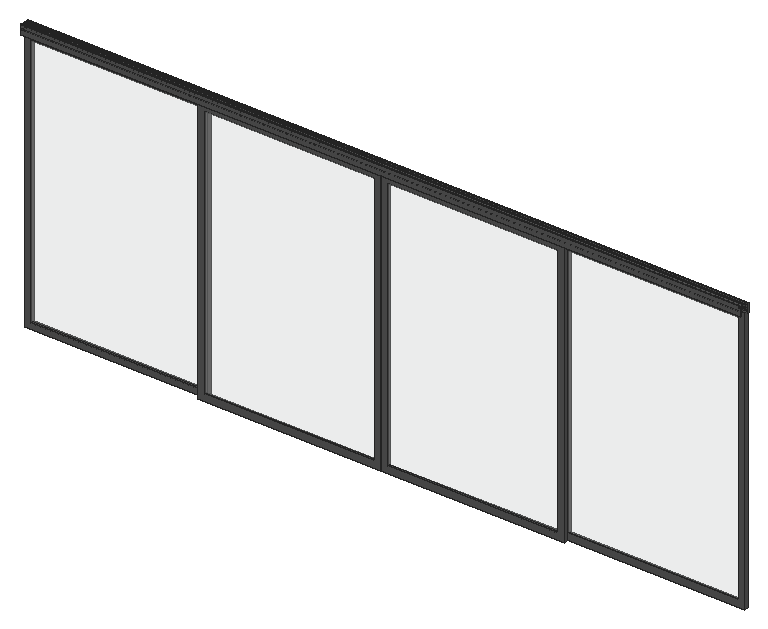
Revit family "Door_SS_The Sliding Door Company_4-Panel Double Track (ABBA)", category Doors, host Wall, Revit 2019
Family settings
  Host = Wall
  OmniClass Number = 23.30.10.00
  OmniClass Title = Doors
  Always vertical = Yes
  Cut with Voids When Loaded = No
  Shared = No
  Room Calculation Point = No
Parameters (values of type "SS Room Divider - 4 Panel 2 Track - ABBA")
  Upper Track Material [instance] = TSDC - Casing/Upper Track - Powder Coated Black
  URL = "https://www.slidingdoorco.com"
  Thickness = 1 1/4"  # constant formula
  Structural Support = "Suspended Systems MUST be installed into structural wood header"  # constant formula
  Stile and Rail = 2 1/2"
  Rough Width = Finished Opening Width + 5/8" * 2  # 284 1/4"
  Rough Height = Finished Opening Height + 5/8"  # 108 5/8"
  Panel Width = Width / 4 + 1 1/4"  # 72"
  Panel Height = Height - 2 1/4"  # 105 3/4"
  Opening Clearance Height = Finished Opening Height - 3 9/16"  # 104 7/16"
  Open [instance] = no
  Model = "Suspended System - Full Height System"  # constant formula
  Manufacturer = "The Sliding Door Company"  # constant formula
  Limitations = "Panel Width x System Height cannot exceed 7,400 square inches"  # constant formula
  Glass Thickness = "Available in: 5mm Tempered, 7mm,10mm,11mm Laminated Glass"  # constant formula
  Glass Material [instance] = TSDC - Glass - Clear
  Function = Interior
  Height = if(Finished Opening Height > 108", 108", Finished Opening Height)  # 108"
  Wall Closure = By host
  Width = if(Finished Opening Width > 283", 283", Finished Opening Width)  # 283"
  Fire Rating = "N/A"  # constant formula
  Finished Opening Width = 283"
  Finished Opening Height = 108"
  Door Casing Material [instance] = TSDC - Casing/Upper Track - Powder Coated Black
  Description = "4 Panel Suspended System with Double Track"  # constant formula
  Contact The Sliding Door Company = "https://www.slidingdoorco.com/contact"
  Construction Type = "Bi-part, Top Mounted, Suspended System"  # constant formula
  Configuration = "ABBA Configuration"  # constant formula
  Closed [instance] = not(Open)  # yes
  Analytic Construction = "<None>"
  2 1/2" Frame (No Support Dividers) = "Max. H=108 in., Max. W=283 in. (72 in. panel width)"  # constant formula
Reference planes (in)
  plane 1 "Center (Front/Back)": y = 0
  plane 2 "Center (Left/Right)": x = 0
  plane 3 "Top": z = 108
  plane 4 "Exterior": y = 3
  plane 5 "Interior": y = -3
  plane 6: x = -141.5
  plane 7: x = 141.5
  plane 8: z = 0.625
  plane 9 "Top": z = 96
  plane 10 "2": z = 94.375
  plane 11 "3": z = 95.25
  plane 12 "Top": z = 96
  plane 13 "2": z = 94.375
  plane 14 "3": z = 95.25
  plane 15 "Top": z = 80
  plane 16: x = -50
  plane 17: x = 50
  plane 18 "2": z = 78.375
  plane 19 "3": z = 79.25
  plane 20: x = -70.75
  plane 21: x = 70.75
  plane 22: x = -36.75
  plane 23: x = -38.25
  plane 24: x = 38.25
  plane 25: x = 36
  plane 26 "4": z = 106.20866
  plane 27 "6": z = 105.20866
  plane 28 "7": z = 104.4375
Forms (in)
  Extrusion 1, solid, material "TSDC - Casing/Upper Track - Powder Coated Black", not visible
    sketch origin (0, 0.8784, 0.00198) x (0, 1, 0) y (0, 0, 1)
      loop
        line (1.17662, -0.00198) -> (1.7466, -0.00198) -> (1.7466, 0.11422) -> (1.63872, 0.16601) -> (1.5898, 0.16) -> (1.58595, 0.19134) -> (1.49638, 0.23434) -> (1.44746, 0.22833) -> (1.44362, 0.25967) -> (1.35493, 0.30224) -> (1.30601, 0.29623) -> (1.30216, 0.32757) -> (1.21825, 0.36785)
        arc (1.21825, 0.36785) -> (1.19583, 0.37043) -> (1.17662, 0.35859) r 0.03449
        line (1.17662, 0.35859) -> (1.17662, 0.26961) -> (1.14379, 0.26961) -> (1.14379, 0.30227) -> (1.11271, 0.30227) -> (1.11271, 0.05752) -> (1.14379, 0.05752) -> (1.14379, 0.08934) -> (1.17662, 0.08934) -> (1.17662, -0.00198)
      loop
        line (1.6966, 0.05) -> (1.6966, 0.08276) -> (1.2346, 0.30454) -> (1.2346, 0.05) -> (1.6966, 0.05)
    from -50 to 50
  Extrusion 2, solid, material "TSDC - Casing/Upper Track - Powder Coated Black", not visible
    sketch origin (0, 0.8784, 0.00198) x (0, 1, 0) y (0, 0, 1)
      loop
        arc (1.17662, 0.34104) -> (1.17081, 0.35508) -> (1.15677, 0.36093) r 0.01985
        line (1.15677, 0.36093) -> (1.07541, 0.36093)
        arc (1.07541, 0.36093) -> (1.06136, 0.3551) -> (1.05556, 0.34103) r 0.01985
        line (1.05556, 0.34103) -> (1.05556, 0.20299) -> (0.9831, 0.20299) -> (0.9831, 0.28602)
        arc (0.9831, 0.28602) -> (0.87384, 0.39506) -> (0.76472, 0.28588) r 0.10919
        line (0.76472, 0.28588) -> (0.82428, 0.28588)
        arc (0.82428, 0.28588) -> (0.87397, 0.3355) -> (0.92354, 0.28575) r 0.04963
        line (0.92354, 0.28575) -> (0.92354, 0.14753) -> (1.05556, 0.10767) -> (1.05556, 0.05757) -> (0.38753, 0.05757) -> (0.38753, 0.36093) -> (-0.56932, 0.36093) -> (-0.56932, 0.20299) -> (-0.64178, 0.20299) -> (-0.64178, 0.28602)
        arc (-0.64178, 0.28602) -> (-0.75104, 0.39506) -> (-0.86016, 0.28588) r 0.10919
        line (-0.86016, 0.28588) -> (-0.8006, 0.28588)
        arc (-0.8006, 0.28588) -> (-0.75091, 0.3355) -> (-0.70134, 0.28575) r 0.04963
        line (-0.70134, 0.28575) -> (-0.70134, 0.14753) -> (-0.56932, 0.10767) -> (-0.56932, 0.05757) -> (-1.23735, 0.05757) -> (-1.23735, 0.36093) -> (-2.19421, 0.36093) -> (-2.19421, 0.20299) -> (-2.26667, 0.20299) -> (-2.26667, 0.28602)
        arc (-2.26667, 0.28602) -> (-2.37592, 0.39506) -> (-2.48504, 0.28588) r 0.10919
        line (-2.48504, 0.28588) -> (-2.42548, 0.28588)
        arc (-2.42548, 0.28588) -> (-2.37579, 0.3355) -> (-2.32622, 0.28575) r 0.04963
        line (-2.32622, 0.28575) -> (-2.32622, 0.14753) -> (-2.19421, 0.10767) -> (-2.19421, 0.05757) -> (-2.86223, 0.05757) -> (-2.86223, 0.34103)
        arc (-2.86223, 0.34103) -> (-2.86803, 0.3551) -> (-2.88208, 0.36093) r 0.01985
        line (-2.88208, 0.36093) -> (-2.96344, 0.36093)
        arc (-2.96344, 0.36093) -> (-2.97751, 0.35509) -> (-2.9833, 0.341) r 0.01985
        line (-2.9833, 0.341) -> (-2.9833, 0.26961) -> (-2.95059, 0.26961) -> (-2.95059, 0.30227) -> (-2.91939, 0.30227) -> (-2.91939, 0.05752) -> (-2.95046, 0.05752) -> (-2.95046, 0.08934) -> (-2.9833, 0.08934) -> (-2.9833, -0.00198) -> (-2.13705, -0.00198) -> (-2.10598, 0.05752) -> (-2.13705, 0.05752) -> (-2.13705, 0.30227) -> (-1.29451, 0.30227) -> (-1.29451, 0.05752) -> (-1.32558, 0.05752) -> (-1.29451, -0.00198) -> (-0.51217, -0.00198) -> (-0.4811, 0.05752) -> (-0.51217, 0.05752) -> (-0.51217, 0.30227) -> (0.33038, 0.30227) -> (0.33038, 0.05752) -> (0.2993, 0.05752) -> (0.33038, -0.00198) -> (1.17662, -0.00198) -> (1.17662, 0.08934) -> (1.14379, 0.08934) -> (1.14379, 0.05752) -> (1.11271, 0.05752) -> (1.11271, 0.30227) -> (1.14379, 0.30227) -> (1.14379, 0.26961) -> (1.17662, 0.26961) -> (1.17662, 0.34104)
    from -50 to 50
  Extrusion 3, solid, material "TSDC - Casing/Upper Track - Powder Coated Black", not visible
    sketch origin (0, -0.92827, 0.00198) x (0, -1, 0) y (0, 0, -1)
      loop
        line (1.17662, 0.00198) -> (1.17662, -0.08934) -> (1.14379, -0.08934) -> (1.14379, -0.05752) -> (1.11271, -0.05752) -> (1.11271, -0.30227) -> (1.14379, -0.30227) -> (1.14379, -0.26961) -> (1.17662, -0.26961) -> (1.17662, -0.35859)
        arc (1.17662, -0.35859) -> (1.19583, -0.37043) -> (1.21825, -0.36785) r 0.03449
        line (1.21825, -0.36785) -> (1.30216, -0.32757) -> (1.30601, -0.29623) -> (1.35493, -0.30224) -> (1.44362, -0.25967) -> (1.44746, -0.22833) -> (1.49638, -0.23434) -> (1.58595, -0.19134) -> (1.5898, -0.16) -> (1.63872, -0.16601) -> (1.7466, -0.11422) -> (1.7466, 0.00198) -> (1.17662, 0.00198)
      loop
        line (1.6966, -0.05) -> (1.2346, -0.05) -> (1.2346, -0.30454) -> (1.6966, -0.08276) -> (1.6966, -0.05)
    from -50 to 50
  Extrusion 4, solid, material "TSDC - Casing/Upper Track - Powder Coated Black", not visible
    sketch origin (0, 1.25781, 0) x (0, 1, 0) y (0, 0, 1)
      loop
        line (1.74219, 96) -> (-2.99219, 96) -> (-2.99219, 93.875) -> (-2.93359, 93.875) -> (-2.93359, 95.94141) -> (-1.43359, 95.94141) -> (-1.43359, 93.875) -> (-1.375, 93.875) -> (-1.375, 95.94141) -> (0.125, 95.94141) -> (0.125, 93.875) -> (0.18359, 93.875) -> (0.18359, 95.94141) -> (1.68359, 95.94141) -> (1.68359, 93.875) -> (1.74219, 93.875) -> (1.74219, 96)
    from -50 to 50
  Extrusion 5, solid, material "TSDC - Casing/Upper Track - Powder Coated Black", visible <- "Open", not visible
    sketch origin (-18.0008, 2.81641, 0) x (1, 0, 0) y (0, 0, 1)
      loop
        line (2.33413, 94.375) -> (-31.9992, 94.375) -> (-31.9992, 0.625) -> (2.33413, 0.625) -> (2.33413, 94.375)
      loop
        line (0.83413, 92.875) -> (-30.4992, 92.875) -> (-30.4992, 2.125) -> (0.83413, 2.125) -> (0.83413, 92.875)
    from 0 to 1.25
  Extrusion 6, solid, material "TSDC - Glass - Clear", visible <- "Open", not visible
    sketch origin (-18.0008, 2.31641, 0) x (1, 0, 0) y (0, 0, 1)
      loop
        line (0.83413, 92.875) -> (-30.4992, 92.875) -> (-30.4992, 2.125) -> (0.83413, 2.125) -> (0.83413, 92.875)
    from 0 to 0.25
  Extrusion 7, solid, material "TSDC - Casing/Upper Track - Powder Coated Black", visible <- "Open", not visible
    sketch origin (-44.66746, 1.25781, 0) x (1, 0, 0) y (0, 0, 1)
      loop
        line (29.0008, 94.375) -> (-5.33254, 94.375) -> (-5.33254, 0.625) -> (29.0008, 0.625) -> (29.0008, 94.375)
      loop
        line (27.5008, 92.875) -> (-3.83254, 92.875) -> (-3.83254, 2.125) -> (27.5008, 2.125) -> (27.5008, 92.875)
    from 0 to 1.25
  Extrusion 8, solid, material "TSDC - Glass - Clear", visible <- "Open", not visible
    sketch origin (-44.66746, 0.75781, 0) x (1, 0, 0) y (0, 0, 1)
      loop
        line (27.5008, 92.875) -> (-3.83254, 92.875) -> (-3.83254, 2.125) -> (27.5008, 2.125) -> (27.5008, 92.875)
    from 0 to 0.25
  Extrusion 9, solid, material "TSDC - Casing/Upper Track - Powder Coated Black", visible <- "Open", not visible
    sketch origin (-71.33413, -0.30078, 0) x (1, 0, 0) y (0, 0, 1)
      loop
        line (55.66746, 94.375) -> (21.33413, 94.375) -> (21.33413, 0.625) -> (55.66746, 0.625) -> (55.66746, 94.375)
      loop
        line (54.16746, 92.875) -> (22.83413, 92.875) -> (22.83413, 2.125) -> (54.16746, 2.125) -> (54.16746, 92.875)
    from 0 to 1.25
  Extrusion 10, solid, material "TSDC - Glass - Clear", visible <- "Open", not visible
    sketch origin (-71.33413, -0.80078, 0) x (1, 0, 0) y (0, 0, 1)
      loop
        line (54.16746, 92.875) -> (22.83413, 92.875) -> (22.83413, 2.125) -> (54.16746, 2.125) -> (54.16746, 92.875)
    from 0 to 0.25
  Extrusion 11, solid, material "TSDC - Casing/Upper Track - Powder Coated Black", visible <- "Closed", not visible
    sketch origin (-11.83413, 1.25781, 0) x (1, 0, 0) y (0, 0, 1)
      loop
        line (29.0008, 94.375) -> (-5.33254, 94.375) -> (-5.33254, 0.625) -> (29.0008, 0.625) -> (29.0008, 94.375)
      loop
        line (27.5008, 92.875) -> (-3.83254, 92.875) -> (-3.83254, 2.125) -> (27.5008, 2.125) -> (27.5008, 92.875)
    from 0 to 1.25
  Extrusion 12, solid, material "TSDC - Glass - Clear", visible <- "Closed", not visible
    sketch origin (-11.83413, 0.75781, 0) x (1, 0, 0) y (0, 0, 1)
      loop
        line (27.5008, 92.875) -> (-3.83254, 92.875) -> (-3.83254, 2.125) -> (27.5008, 2.125) -> (27.5008, 92.875)
    from 0 to 0.25
  Extrusion 13, solid, material "TSDC - Casing/Upper Track - Powder Coated Black", visible <- "Closed", not visible
    sketch origin (47.66587, 2.81641, 0) x (1, 0, 0) y (0, 0, 1)
      loop
        line (2.33413, 94.375) -> (-31.9992, 94.375) -> (-31.9992, 0.625) -> (2.33413, 0.625) -> (2.33413, 94.375)
      loop
        line (0.83413, 92.875) -> (-30.4992, 92.875) -> (-30.4992, 2.125) -> (0.83413, 2.125) -> (0.83413, 92.875)
    from 0 to 1.25
  Extrusion 14, solid, material "TSDC - Glass - Clear", visible <- "Closed", not visible
    sketch origin (47.66587, 2.31641, 0) x (1, 0, 0) y (0, 0, 1)
      loop
        line (0.83413, 92.875) -> (-30.4992, 92.875) -> (-30.4992, 2.125) -> (0.83413, 2.125) -> (0.83413, 92.875)
    from 0 to 0.25
  Extrusion 15, solid, material "TSDC - Casing/Upper Track - Powder Coated Black", visible <- "Closed", not visible
    sketch origin (-71.33413, -0.30078, 0) x (1, 0, 0) y (0, 0, 1)
      loop
        line (55.66746, 94.375) -> (21.33413, 94.375) -> (21.33413, 0.625) -> (55.66746, 0.625) -> (55.66746, 94.375)
      loop
        line (54.16746, 92.875) -> (22.83413, 92.875) -> (22.83413, 2.125) -> (54.16746, 2.125) -> (54.16746, 92.875)
    from 0 to 1.25
  Extrusion 16, solid, material "TSDC - Glass - Clear", visible <- "Closed", not visible
    sketch origin (-71.33413, -0.80078, 0) x (1, 0, 0) y (0, 0, 1)
      loop
        line (54.16746, 92.875) -> (22.83413, 92.875) -> (22.83413, 2.125) -> (54.16746, 2.125) -> (54.16746, 92.875)
    from 0 to 0.25
  Extrusion 17, solid, material "TSDC - Casing/Upper Track - Powder Coated Black", not visible
    sketch origin (0, 1.25781, 0) x (0, 1, 0) y (0, 0, 1)
      loop
        line (1.74219, 96) -> (-2.99219, 96) -> (-2.99219, 93.875) -> (-2.93359, 93.875) -> (-2.93359, 95.94141) -> (-1.43359, 95.94141) -> (-1.43359, 93.875) -> (-1.375, 93.875) -> (-1.375, 95.94141) -> (0.125, 95.94141) -> (0.125, 93.875) -> (0.18359, 93.875) -> (0.18359, 95.94141) -> (1.68359, 95.94141) -> (1.68359, 93.875) -> (1.74219, 93.875) -> (1.74219, 96)
    from -50 to 50
  Extrusion 18, solid, material "TSDC - Casing/Upper Track - Powder Coated Black", not visible
    sketch origin (0, 1.25781, 0) x (0, 1, 0) y (0, 0, 1)
      loop
        line (1.74219, 96) -> (-2.99219, 96) -> (-2.99219, 93.875) -> (-2.93359, 93.875) -> (-2.93359, 95.94141) -> (-1.43359, 95.94141) -> (-1.43359, 93.875) -> (-1.375, 93.875) -> (-1.375, 95.94141) -> (0.125, 95.94141) -> (0.125, 93.875) -> (0.18359, 93.875) -> (0.18359, 95.94141) -> (1.68359, 95.94141) -> (1.68359, 93.875) -> (1.74219, 93.875) -> (1.74219, 96)
    from -50 to 50
  Extrusion 19, solid, material "TSDC - Casing/Upper Track - Powder Coated Black", not visible
    sketch origin (0, 1.25781, 0) x (0, 1, 0) y (0, 0, 1)
      loop
        line (1.74219, 96) -> (-2.99219, 96) -> (-2.99219, 93.875) -> (-2.93359, 93.875) -> (-2.93359, 95.94141) -> (-1.43359, 95.94141) -> (-1.43359, 93.875) -> (-1.375, 93.875) -> (-1.375, 95.94141) -> (0.125, 95.94141) -> (0.125, 93.875) -> (0.18359, 93.875) -> (0.18359, 95.94141) -> (1.68359, 95.94141) -> (1.68359, 93.875) -> (1.74219, 93.875) -> (1.74219, 96)
    from -50 to 50
  Extrusion 20, solid, material "TSDC - Casing/Upper Track - Powder Coated Black", not visible
    sketch origin (0, 0.8784, 0.00198) x (0, 1, 0) y (0, 0, 1)
      loop
        line (1.17662, -0.00198) -> (1.7466, -0.00198) -> (1.7466, 0.11422) -> (1.63872, 0.16601) -> (1.5898, 0.16) -> (1.58595, 0.19134) -> (1.49638, 0.23434) -> (1.44746, 0.22833) -> (1.44362, 0.25967) -> (1.35493, 0.30224) -> (1.30601, 0.29623) -> (1.30216, 0.32757) -> (1.21825, 0.36785)
        arc (1.21825, 0.36785) -> (1.19583, 0.37043) -> (1.17662, 0.35859) r 0.03449
        line (1.17662, 0.35859) -> (1.17662, 0.26961) -> (1.14379, 0.26961) -> (1.14379, 0.30227) -> (1.11271, 0.30227) -> (1.11271, 0.05752) -> (1.14379, 0.05752) -> (1.14379, 0.08934) -> (1.17662, 0.08934) -> (1.17662, -0.00198)
      loop
        line (1.6966, 0.05) -> (1.6966, 0.08276) -> (1.2346, 0.30454) -> (1.2346, 0.05) -> (1.6966, 0.05)
    from -50 to 50
  Extrusion 21, solid, material "TSDC - Casing/Upper Track - Powder Coated Black", not visible
    sketch origin (0, 0.8784, 0.00198) x (0, 1, 0) y (0, 0, 1)
      loop
        arc (1.17662, 0.34104) -> (1.17081, 0.35508) -> (1.15677, 0.36093) r 0.01985
        line (1.15677, 0.36093) -> (1.07541, 0.36093)
        arc (1.07541, 0.36093) -> (1.06136, 0.3551) -> (1.05556, 0.34103) r 0.01985
        line (1.05556, 0.34103) -> (1.05556, 0.20299) -> (0.9831, 0.20299) -> (0.9831, 0.28602)
        arc (0.9831, 0.28602) -> (0.87384, 0.39506) -> (0.76472, 0.28588) r 0.10919
        line (0.76472, 0.28588) -> (0.82428, 0.28588)
        arc (0.82428, 0.28588) -> (0.87397, 0.3355) -> (0.92354, 0.28575) r 0.04963
        line (0.92354, 0.28575) -> (0.92354, 0.14753) -> (1.05556, 0.10767) -> (1.05556, 0.05757) -> (0.38753, 0.05757) -> (0.38753, 0.36093) -> (-0.56932, 0.36093) -> (-0.56932, 0.20299) -> (-0.64178, 0.20299) -> (-0.64178, 0.28602)
        arc (-0.64178, 0.28602) -> (-0.75104, 0.39506) -> (-0.86016, 0.28588) r 0.10919
        line (-0.86016, 0.28588) -> (-0.8006, 0.28588)
        arc (-0.8006, 0.28588) -> (-0.75091, 0.3355) -> (-0.70134, 0.28575) r 0.04963
        line (-0.70134, 0.28575) -> (-0.70134, 0.14753) -> (-0.56932, 0.10767) -> (-0.56932, 0.05757) -> (-1.23735, 0.05757) -> (-1.23735, 0.36093) -> (-2.19421, 0.36093) -> (-2.19421, 0.20299) -> (-2.26667, 0.20299) -> (-2.26667, 0.28602)
        arc (-2.26667, 0.28602) -> (-2.37592, 0.39506) -> (-2.48504, 0.28588) r 0.10919
        line (-2.48504, 0.28588) -> (-2.42548, 0.28588)
        arc (-2.42548, 0.28588) -> (-2.37579, 0.3355) -> (-2.32622, 0.28575) r 0.04963
        line (-2.32622, 0.28575) -> (-2.32622, 0.14753) -> (-2.19421, 0.10767) -> (-2.19421, 0.05757) -> (-2.86223, 0.05757) -> (-2.86223, 0.34103)
        arc (-2.86223, 0.34103) -> (-2.86803, 0.3551) -> (-2.88208, 0.36093) r 0.01985
        line (-2.88208, 0.36093) -> (-2.96344, 0.36093)
        arc (-2.96344, 0.36093) -> (-2.97751, 0.35509) -> (-2.9833, 0.341) r 0.01985
        line (-2.9833, 0.341) -> (-2.9833, 0.26961) -> (-2.95059, 0.26961) -> (-2.95059, 0.30227) -> (-2.91939, 0.30227) -> (-2.91939, 0.05752) -> (-2.95046, 0.05752) -> (-2.95046, 0.08934) -> (-2.9833, 0.08934) -> (-2.9833, -0.00198) -> (-2.13705, -0.00198) -> (-2.10598, 0.05752) -> (-2.13705, 0.05752) -> (-2.13705, 0.30227) -> (-1.29451, 0.30227) -> (-1.29451, 0.05752) -> (-1.32558, 0.05752) -> (-1.29451, -0.00198) -> (-0.51217, -0.00198) -> (-0.4811, 0.05752) -> (-0.51217, 0.05752) -> (-0.51217, 0.30227) -> (0.33038, 0.30227) -> (0.33038, 0.05752) -> (0.2993, 0.05752) -> (0.33038, -0.00198) -> (1.17662, -0.00198) -> (1.17662, 0.08934) -> (1.14379, 0.08934) -> (1.14379, 0.05752) -> (1.11271, 0.05752) -> (1.11271, 0.30227) -> (1.14379, 0.30227) -> (1.14379, 0.26961) -> (1.17662, 0.26961) -> (1.17662, 0.34104)
    from -50 to 50
  Extrusion 22, solid, material "TSDC - Casing/Upper Track - Powder Coated Black", not visible
    sketch origin (0, -0.92827, 0.00198) x (0, -1, 0) y (0, 0, -1)
      loop
        line (1.17662, 0.00198) -> (1.17662, -0.08934) -> (1.14379, -0.08934) -> (1.14379, -0.05752) -> (1.11271, -0.05752) -> (1.11271, -0.30227) -> (1.14379, -0.30227) -> (1.14379, -0.26961) -> (1.17662, -0.26961) -> (1.17662, -0.35859)
        arc (1.17662, -0.35859) -> (1.19583, -0.37043) -> (1.21825, -0.36785) r 0.03449
        line (1.21825, -0.36785) -> (1.30216, -0.32757) -> (1.30601, -0.29623) -> (1.35493, -0.30224) -> (1.44362, -0.25967) -> (1.44746, -0.22833) -> (1.49638, -0.23434) -> (1.58595, -0.19134) -> (1.5898, -0.16) -> (1.63872, -0.16601) -> (1.7466, -0.11422) -> (1.7466, 0.00198) -> (1.17662, 0.00198)
      loop
        line (1.6966, -0.05) -> (1.2346, -0.05) -> (1.2346, -0.30454) -> (1.6966, -0.08276) -> (1.6966, -0.05)
    from -50 to 50
  Extrusion 23, solid, material "TSDC - Casing/Upper Track - Powder Coated Black", not visible
    sketch origin (0, 1.25781, -16) x (0, 1, 0) y (0, 0, 1)
      loop
        line (1.74219, 96) -> (-2.99219, 96) -> (-2.99219, 93.875) -> (-2.93359, 93.875) -> (-2.93359, 95.94141) -> (-1.43359, 95.94141) -> (-1.43359, 93.875) -> (-1.375, 93.875) -> (-1.375, 95.94141) -> (0.125, 95.94141) -> (0.125, 93.875) -> (0.18359, 93.875) -> (0.18359, 95.94141) -> (1.68359, 95.94141) -> (1.68359, 93.875) -> (1.74219, 93.875) -> (1.74219, 96)
    from -50 to 50
  Extrusion 24, solid, material "TSDC - Casing/Upper Track - Powder Coated Black" <- "Door Casing Material", visible <- "Closed"
    sketch origin (-47.66587, 0.91876, 0) x (-1, 0, 0) y (0, 0, -1)
      loop
        line (24.33413, -105.20866) -> (24.33413, -0.625) -> (-47.66587, -0.625) -> (-47.66587, -105.20866) -> (24.33413, -105.20866)
      loop
        line (21.83413, -102.70866) -> (21.83413, -3.125) -> (-45.16587, -3.125) -> (-45.16587, -102.70866) -> (21.83413, -102.70866)
    from 0 to 1.25
  Extrusion 25, solid, material "TSDC - Glass - Clear" <- "Glass Material", visible <- "Closed"
    sketch origin (-47.66587, 0.41876, 0) x (-1, 0, 0) y (0, 0, -1)
      loop
        line (21.83413, -102.70866) -> (21.83413, -3.125) -> (-45.16587, -3.125) -> (-45.16587, -102.70866) -> (21.83413, -102.70866)
    from 0 to 0.25
  Extrusion 26, solid, material "TSDC - Casing/Upper Track - Powder Coated Black" <- "Door Casing Material", visible <- "Closed"
    sketch origin (-83.66587, 2.61969, 0) x (-1, 0, 0) y (0, 0, -1)
      loop
        line (57.83413, -105.20866) -> (57.83413, -0.625) -> (-14.16587, -0.625) -> (-14.16587, -105.20866) -> (57.83413, -105.20866)
      loop
        line (55.33413, -102.70866) -> (55.33413, -3.125) -> (-11.66587, -3.125) -> (-11.66587, -102.70866) -> (55.33413, -102.70866)
    from 0 to 1.25
  Extrusion 27, solid, material "TSDC - Glass - Clear" <- "Glass Material", visible <- "Closed"
    sketch origin (-83.66587, 2.11969, 0) x (-1, 0, 0) y (0, 0, -1)
      loop
        line (55.33413, -102.70866) -> (55.33413, -3.125) -> (-11.66587, -3.125) -> (-11.66587, -102.70866) -> (55.33413, -102.70866)
    from 0 to 0.25
  Extrusion 28, solid, material "TSDC - Casing/Upper Track - Powder Coated Black" <- "Door Casing Material", visible <- "Closed"
    sketch origin (47.66587, 0.91876, 0) x (1, 0, 0) y (0, 0, 1)
      loop
        line (24.33413, 105.20866) -> (-47.66587, 105.20866) -> (-47.66587, 0.625) -> (24.33413, 0.625) -> (24.33413, 105.20866)
      loop
        line (21.83413, 102.70866) -> (-45.16587, 102.70866) -> (-45.16587, 3.125) -> (21.83413, 3.125) -> (21.83413, 102.70866)
    from 0 to 1.25
  Extrusion 29, solid, material "TSDC - Glass - Clear" <- "Glass Material", visible <- "Closed"
    sketch origin (47.66587, 0.41876, 0) x (1, 0, 0) y (0, 0, 1)
      loop
        line (21.83413, 102.70866) -> (-45.16587, 102.70866) -> (-45.16587, 3.125) -> (21.83413, 3.125) -> (21.83413, 102.70866)
    from 0 to 0.25
  Extrusion 30, solid, material "TSDC - Casing/Upper Track - Powder Coated Black" <- "Door Casing Material", visible <- "Closed"
    sketch origin (83.66587, 2.61969, 0) x (1, 0, 0) y (0, 0, 1)
      loop
        line (57.83413, 105.20866) -> (-14.16587, 105.20866) -> (-14.16587, 0.625) -> (57.83413, 0.625) -> (57.83413, 105.20866)
      loop
        line (55.33413, 102.70866) -> (-11.66587, 102.70866) -> (-11.66587, 3.125) -> (55.33413, 3.125) -> (55.33413, 102.70866)
    from 0 to 1.25
  Extrusion 31, solid, material "TSDC - Glass - Clear" <- "Glass Material", visible <- "Closed"
    sketch origin (83.66587, 2.11969, 0) x (1, 0, 0) y (0, 0, 1)
      loop
        line (55.33413, 102.70866) -> (-11.66587, 102.70866) -> (-11.66587, 3.125) -> (55.33413, 3.125) -> (55.33413, 102.70866)
    from 0 to 0.25
  Extrusion 32, solid, material "TSDC - Casing/Upper Track - Powder Coated Black" <- "Door Casing Material", visible <- "Open"
    sketch origin (-83.66587, 2.61969, 0) x (-1, 0, 0) y (0, 0, -1)
      loop
        line (57.83413, -105.20866) -> (57.83413, -0.625) -> (-14.16587, -0.625) -> (-14.16587, -105.20866) -> (57.83413, -105.20866)
      loop
        line (55.33413, -102.70866) -> (55.33413, -3.125) -> (-11.66587, -3.125) -> (-11.66587, -102.70866) -> (55.33413, -102.70866)
    from 0 to 1.25
  Extrusion 33, solid, material "TSDC - Glass - Clear" <- "Glass Material", visible <- "Open"
    sketch origin (-83.66587, 2.11969, 0) x (-1, 0, 0) y (0, 0, -1)
      loop
        line (55.33413, -102.70866) -> (55.33413, -3.125) -> (-11.66587, -3.125) -> (-11.66587, -102.70866) -> (55.33413, -102.70866)
    from 0 to 0.25
  Extrusion 34, solid, material "TSDC - Casing/Upper Track - Powder Coated Black" <- "Door Casing Material", visible <- "Open"
    sketch origin (-117.16587, 0.91876, 0) x (-1, 0, 0) y (0, 0, -1)
      loop
        line (24.33413, -105.20866) -> (24.33413, -0.625) -> (-47.66587, -0.625) -> (-47.66587, -105.20866) -> (24.33413, -105.20866)
      loop
        line (21.83413, -102.70866) -> (21.83413, -3.125) -> (-45.16587, -3.125) -> (-45.16587, -102.70866) -> (21.83413, -102.70866)
    from 0 to 1.25
  Extrusion 35, solid, material "TSDC - Glass - Clear" <- "Glass Material", visible <- "Open"
    sketch origin (-117.16587, 0.41876, 0) x (-1, 0, 0) y (0, 0, -1)
      loop
        line (21.83413, -102.70866) -> (21.83413, -3.125) -> (-45.16587, -3.125) -> (-45.16587, -102.70866) -> (21.83413, -102.70866)
    from 0 to 0.25
  Extrusion 36, solid, material "TSDC - Casing/Upper Track - Powder Coated Black" <- "Door Casing Material", visible <- "Open"
    sketch origin (83.66587, 2.61969, 0) x (1, 0, 0) y (0, 0, 1)
      loop
        line (57.83413, 105.20866) -> (-14.16587, 105.20866) -> (-14.16587, 0.625) -> (57.83413, 0.625) -> (57.83413, 105.20866)
      loop
        line (55.33413, 102.70866) -> (-11.66587, 102.70866) -> (-11.66587, 3.125) -> (55.33413, 3.125) -> (55.33413, 102.70866)
    from 0 to 1.25
  Extrusion 37, solid, material "TSDC - Glass - Clear" <- "Glass Material", visible <- "Open"
    sketch origin (83.66587, 2.11969, 0) x (1, 0, 0) y (0, 0, 1)
      loop
        line (55.33413, 102.70866) -> (-11.66587, 102.70866) -> (-11.66587, 3.125) -> (55.33413, 3.125) -> (55.33413, 102.70866)
    from 0 to 0.25
  Extrusion 38, solid, material "TSDC - Casing/Upper Track - Powder Coated Black" <- "Door Casing Material", visible <- "Open"
    sketch origin (117.16587, 0.91876, 0) x (1, 0, 0) y (0, 0, 1)
      loop
        line (24.33413, 105.20866) -> (-47.66587, 105.20866) -> (-47.66587, 0.625) -> (24.33413, 0.625) -> (24.33413, 105.20866)
      loop
        line (21.83413, 102.70866) -> (-45.16587, 102.70866) -> (-45.16587, 3.125) -> (21.83413, 3.125) -> (21.83413, 102.70866)
    from 0 to 1.25
  Extrusion 39, solid, material "TSDC - Glass - Clear" <- "Glass Material", visible <- "Open"
    sketch origin (117.16587, 0.41876, 0) x (1, 0, 0) y (0, 0, 1)
      loop
        line (21.83413, 102.70866) -> (-45.16587, 102.70866) -> (-45.16587, 3.125) -> (21.83413, 3.125) -> (21.83413, 102.70866)
    from 0 to 0.25
  Extrusion 40, solid, material "TSDC - Casing/Upper Track - Powder Coated Black" <- "Upper Track Material"
    sketch origin (0, -6.99219, 28) x (0, 1, 0) y (0, 0, 1)
      loop
        line (9.77485, 78.30866) -> (9.77485, 79.83805)
        arc (9.77485, 79.83805) -> (9.74556, 79.90876) -> (9.67485, 79.93805) r 0.1
        line (9.67485, 79.93805) -> (9.46222, 79.93805) -> (9.46222, 80) -> (8.51154, 80) -> (8.51154, 79.93805) -> (8.29891, 79.93805)
        arc (8.29891, 79.93805) -> (8.2282, 79.90876) -> (8.19891, 79.83805) r 0.1
        line (8.19891, 79.83805) -> (8.19891, 78.30866)
        arc (8.19891, 78.30866) -> (8.2282, 78.23795) -> (8.29891, 78.20866) r 0.1
        line (8.29891, 78.20866) -> (8.7739, 78.20866) -> (8.7739, 78.42325) -> (8.73907, 78.42325)
        arc (8.73907, 78.42325) -> (8.61684, 78.36548) -> (8.49461, 78.42325) r 0.15819
        line (8.49461, 78.42325) -> (8.41424, 78.42325)
        arc (8.41424, 78.42325) -> (8.4001, 78.42911) -> (8.39424, 78.44325) r 0.02
        line (8.39424, 78.44325) -> (8.39424, 79.78467)
        arc (8.39424, 79.78467) -> (8.4001, 79.79881) -> (8.41424, 79.80467) r 0.02
        line (8.41424, 79.80467) -> (9.55952, 79.80467)
        arc (9.55952, 79.80467) -> (9.57366, 79.79881) -> (9.57952, 79.78467) r 0.02
        line (9.57952, 79.78467) -> (9.57952, 78.44325)
        arc (9.57952, 78.44325) -> (9.57366, 78.42911) -> (9.55952, 78.42325) r 0.02
        line (9.55952, 78.42325) -> (9.47867, 78.42325)
        arc (9.47867, 78.42325) -> (9.35643, 78.36548) -> (9.2342, 78.42325) r 0.15819
        line (9.2342, 78.42325) -> (9.19986, 78.42325) -> (9.19986, 78.20866) -> (9.67485, 78.20866)
        arc (9.67485, 78.20866) -> (9.74556, 78.23795) -> (9.77485, 78.30866) r 0.1
      loop
        line (9.92891, 79.74442) -> (9.78285, 79.74442) -> (9.78285, 79.7059) -> (9.92891, 79.7059) -> (9.92891, 78.44117) -> (9.78285, 78.44117) -> (9.78285, 78.40266) -> (9.92691, 78.40266) -> (9.92904, 78.18765) -> (9.52135, 78.18765) -> (9.52135, 78.14914) -> (9.92891, 78.14914) -> (9.92891, 76.4375) -> (9.99219, 76.4375) -> (9.99219, 80) -> (9.52135, 80) -> (9.52135, 79.96148) -> (9.92891, 79.96148) -> (9.92891, 79.74442)
      loop
        arc (6.49797, 78.30866) -> (6.52726, 78.23795) -> (6.59797, 78.20866) r 0.1
        line (6.59797, 78.20866) -> (7.07296, 78.20866) -> (7.07296, 78.42325) -> (7.03862, 78.42325)
        arc (7.03862, 78.42325) -> (6.91639, 78.36548) -> (6.79416, 78.42325) r 0.15819
        line (6.79416, 78.42325) -> (6.7133, 78.42325)
        arc (6.7133, 78.42325) -> (6.69916, 78.42911) -> (6.6933, 78.44325) r 0.02
        line (6.6933, 78.44325) -> (6.6933, 79.78467)
        arc (6.6933, 79.78467) -> (6.69916, 79.79881) -> (6.7133, 79.80467) r 0.02
        line (6.7133, 79.80467) -> (7.85858, 79.80467)
        arc (7.85858, 79.80467) -> (7.87272, 79.79881) -> (7.87858, 79.78467) r 0.02
        line (7.87858, 79.78467) -> (7.87858, 78.44325)
        arc (7.87858, 78.44325) -> (7.87272, 78.42911) -> (7.85858, 78.42325) r 0.02
        line (7.85858, 78.42325) -> (7.77821, 78.42325)
        arc (7.77821, 78.42325) -> (7.65598, 78.36548) -> (7.53375, 78.42325) r 0.15819
        line (7.53375, 78.42325) -> (7.49893, 78.42325) -> (7.49893, 78.20866) -> (7.97391, 78.20866)
        arc (7.97391, 78.20866) -> (8.04462, 78.23795) -> (8.07391, 78.30866) r 0.1
        line (8.07391, 78.30866) -> (8.07391, 79.83805)
        arc (8.07391, 79.83805) -> (8.04462, 79.90876) -> (7.97391, 79.93805) r 0.1
        line (7.97391, 79.93805) -> (7.76128, 79.93805) -> (7.76128, 80) -> (6.8106, 80) -> (6.8106, 79.93805) -> (6.59797, 79.93805)
        arc (6.59797, 79.93805) -> (6.52726, 79.90876) -> (6.49797, 79.83805) r 0.1
        line (6.49797, 79.83805) -> (6.49797, 78.30866)
      loop
        line (6.34391, 79.74442) -> (6.34391, 79.96148) -> (6.75147, 79.96148) -> (6.75147, 80) -> (6.28064, 80) -> (6.28064, 76.4375) -> (6.34391, 76.4375) -> (6.34391, 78.14914) -> (6.75147, 78.14914) -> (6.75147, 78.18765) -> (6.34379, 78.18765) -> (6.34591, 78.40266) -> (6.48997, 78.40266) -> (6.48997, 78.44117) -> (6.34391, 78.44117) -> (6.34391, 79.7059) -> (6.48997, 79.7059) -> (6.48997, 79.74442) -> (6.34391, 79.74442)
    from -141.5 to 141.5
Lines and regions (in)
  Opening 1
    outline origin (-60, -3, 0) x (1, 0, 0) y (0, 0, 1)
      loop
        line (201.5, 108) -> (-81.5, 108) -> (-81.5, 0) -> (201.5, 0) -> (201.5, 108)
Text (in)
  text "Exterior" at (-165.54235, 27.31104, 0), in view "Ref. Level"
  text "Interior" at (-165.54235, -25.14366, 0), in view "Ref. Level"
  text "Exterior" at (0, 40.15149, 123.01588), in view "Right"
  text "Interior" at (0, -64.39139, 123.01588), in view "Right"
  text "Interior" at (0, -31.01599, 123.00693), in view "Left"
  text "Exterior" at (0, 54.57065, 123.00693), in view "Left"
Dimensions and locks (in)
  "Height": level to plane 3 "Top"
  "Width": plane 6 to plane 7
  "Stile and Rail": Extrusion 24 to Extrusion 24  (x5)
  equal spacing: plane 6, plane 20, plane 2 "Center (Left/Right)", plane 21, plane 7
  "Stile and Rail": Extrusion 26 to Extrusion 26  (x4)
  equal spacing: Extrusion 26, plane 20, Extrusion 26
  equal spacing: Extrusion 24, plane 20, Extrusion 24
  plane 6 to Extrusion 26 = 72"
  Extrusion 24 to Extrusion 24 = 72"
  "Stile and Rail": Extrusion 28 to Extrusion 28  (x5)
  "Stile and Rail": Extrusion 30 to Extrusion 30  (x4)
  plane 2 "Center (Left/Right)" to Extrusion 28 = 72"
  Extrusion 30 to Extrusion 30 = 72"
  equal spacing: Extrusion 30, plane 21, Extrusion 30
  equal spacing: Extrusion 28, plane 21, Extrusion 28
  locked: plane 28 "7" to plane 3 "Top" at 3.5625
  locked: plane 26 "4" to plane 3 "Top" at 1.79134
  locked: plane 27 "6" to plane 26 "4" at 1
  "Stile and Rail": Extrusion 32 to Extrusion 32  (x4)
  Extrusion 32 to Extrusion 32 = 2 1/2"
  "Stile and Rail": Extrusion 34 to Extrusion 34  (x5)
  Extrusion 34 to Extrusion 34 = 2 1/2"
  "Stile and Rail": Extrusion 36 to Extrusion 36  (x4)
  Extrusion 36 to Extrusion 36 = 2 1/2"
  "Stile and Rail": Extrusion 38 to Extrusion 38  (x5)
  Extrusion 38 to Extrusion 38 = 2 1/2"
  Extrusion 24 to Extrusion 24 to Extrusion 26 to Extrusion 26 to plane 4 "Exterior" = 1 1/4" locked, 0.45094" locked, 1 1/4" locked, 0.38031" locked
  Extrusion 25 to Extrusion 25 to Extrusion 27 to Extrusion 27 to plane 4 "Exterior" = 1/4" locked, 1.45094" locked, 1/4" locked, 0.88031" locked
  Extrusion 34 to Extrusion 34 to Extrusion 32 to Extrusion 32 to plane 4 "Exterior" = 1 1/4" locked, 0.45094" locked, 1 1/4" locked, 0.38031" locked
  Extrusion 35 to Extrusion 35 to Extrusion 33 to Extrusion 33 to plane 4 "Exterior" = 1/4" locked, 1.45094" locked, 1/4" locked, 0.88031" locked
  Extrusion 28 to Extrusion 28 to Extrusion 30 to Extrusion 30 to plane 4 "Exterior" = 1 1/4" locked, 0.45094" locked, 1 1/4" locked, 0.38031" locked
  Extrusion 29 to Extrusion 29 to Extrusion 31 to Extrusion 31 to plane 4 "Exterior" = 1/4" locked, 1.45094" locked, 1/4" locked, 0.88031" locked
  Extrusion 38 to Extrusion 38 to Extrusion 36 to Extrusion 36 to plane 4 "Exterior" = 1 1/4" locked, 0.45094" locked, 1 1/4" locked, 0.38031" locked
  Extrusion 39 to Extrusion 39 to Extrusion 37 to Extrusion 37 to plane 4 "Exterior" = 1/4" locked, 1.45094" locked, 1/4" locked, 0.88031" locked
  Extrusion 40 to plane 3 "Top" = 0.06195"
  plane 4 "Exterior" to Extrusion 40 to Extrusion 40 to Extrusion 40 to Extrusion 40 to Extrusion 40 to Extrusion 40 to Extrusion 40 to Extrusion 40 to Extrusion 40 to Extrusion 40 to Extrusion 40 = 0.06328" locked, 0.15406" locked, 25/128" locked, 1.18528" locked, 25/128" locked, 1/8" locked, 25/128" locked, 1.18528" locked, 25/128" locked, 0.15406" locked, 0.06328" locked
  aligned and locked: plane 4 "Exterior" to host wall
  aligned and locked: host wall to plane 5 "Interior"
  aligned and locked: Extrusion 24 to Extrusion 25  (x4)
  aligned and locked: Extrusion 26 to Extrusion 27  (x4)
  aligned and locked: Extrusion 29 to Extrusion 28  (x4)
  aligned and locked: Extrusion 31 to Extrusion 30  (x4)
  aligned and locked: Extrusion 26 to plane 27 "6"
  aligned and locked: Extrusion 30 to Extrusion 26
  aligned and locked: Extrusion 24 to Extrusion 26
  aligned and locked: Extrusion 28 to Extrusion 24
  aligned and locked: Extrusion 32 to Extrusion 33  (x4)
  aligned and locked: Extrusion 34 to Extrusion 35  (x4)
  aligned and locked: Extrusion 37 to Extrusion 36  (x4)
  aligned and locked: Extrusion 39 to Extrusion 38  (x4)
  aligned and locked: Opening 1 sketch curve to plane 7
  aligned and locked: Opening 1 sketch curve to plane 6
  aligned and locked: Extrusion 40 to host wall
  aligned and locked: host wall to Extrusion 40
Automatic sketch dimensions
  Extrusion 1 sketch curve to Extrusion 1 sketch curve = 0.03107"  (x2)
  Extrusion 1 sketch curve to Extrusion 1 sketch curve = 0.03284"  (x2)
  Extrusion 1 sketch curve to Extrusion 1 sketch curve = 0.0267"
  Extrusion 1 sketch curve to Extrusion 1 sketch curve = 0.01493"
  Extrusion 1 sketch curve to Extrusion 1 sketch curve = 0.05797"
  Extrusion 1 sketch curve to Extrusion 1 sketch curve = 0.06757"
  Extrusion 1 sketch curve to Extrusion 1 sketch curve = 0.00385"  (x3)
  Extrusion 1 sketch curve to Extrusion 1 sketch curve = 0.04892"  (x3)
  Extrusion 1 sketch curve to Extrusion 1 sketch curve = 0.08869"
  Extrusion 1 sketch curve to Extrusion 1 sketch curve = 0.08957"
  Extrusion 1 sketch curve to Extrusion 1 sketch curve = 0.05788"
  Extrusion 1 sketch curve to Extrusion 1 sketch curve = 0.05"
  Extrusion 1 sketch curve to Extrusion 1 sketch curve = 0.03276"
  Extrusion 1 sketch curve to Extrusion 1 sketch curve = 0.03182"
  Extrusion 1 sketch curve to Extrusion 1 sketch curve = 0.03146"
  Extrusion 1 sketch curve to Extrusion 1 sketch curve = 0.00601"  (x3)
  Extrusion 1 sketch curve to Extrusion 1 sketch curve = 0.09824"
  Extrusion 1 sketch curve to Extrusion 1 sketch curve = 0.03266"
  Extrusion 1 sketch curve to Extrusion 1 sketch curve = 0.06331"
  Extrusion 1 sketch curve to Extrusion 1 sketch curve = 0.03109"
  Extrusion 2 sketch curve to Extrusion 2 sketch curve = 0"  (x25)
  Extrusion 2 sketch curve to Extrusion 2 sketch curve = 0.01985"  (x3)
  Extrusion 2 sketch curve to Extrusion 2 sketch curve = 0.03271"
  Extrusion 2 sketch curve to Extrusion 2 sketch curve = 0.03284"  (x3)
  Extrusion 2 sketch curve to Extrusion 2 sketch curve = 0.03107"  (x9)
  Extrusion 2 sketch curve to Extrusion 2 sketch curve = 0.0373"
  Extrusion 2 sketch curve to Extrusion 2 sketch curve = 0.37719"  (x3)
  Extrusion 2 sketch curve to Extrusion 2 sketch curve = 0.05956"  (x6)
  Extrusion 2 sketch curve to Extrusion 2 sketch curve = 0.04963"  (x6)
  Extrusion 2 sketch curve to Extrusion 2 sketch curve = 0.07246"  (x4)
  Extrusion 2 sketch curve to Extrusion 2 sketch curve = 0.05716"  (x5)
  Extrusion 2 sketch curve to Extrusion 2 sketch curve = 0.7804"  (x2)
  Extrusion 2 sketch curve to Extrusion 2 sketch curve = 0.01299"
  Extrusion 2 sketch curve to Extrusion 2 sketch curve = 0.00005"  (x5)
  Extrusion 2 sketch curve to Extrusion 2 sketch curve = 0.03182"  (x2)
  Extrusion 2 sketch curve to Extrusion 2 sketch curve = 0.0501"  (x3)
  Extrusion 2 sketch curve to Extrusion 2 sketch curve = 0.03986"  (x2)
  Extrusion 2 sketch curve to Extrusion 2 sketch curve = 0.09532"  (x2)
  Extrusion 2 sketch curve to Extrusion 2 sketch curve = 0.05547"  (x2)
  Extrusion 2 sketch curve to Extrusion 2 sketch curve = 0.06662"
  Extrusion 2 sketch curve to Extrusion 2 sketch curve = 0.08276"  (x3)
  Extrusion 2 sketch curve to Extrusion 2 sketch curve = 0.00012"  (x3)
  Extrusion 2 sketch curve to Extrusion 2 sketch curve = 0.03266"  (x2)
  Extrusion 2 sketch curve to Extrusion 2 sketch curve = 0.24475"
  Extrusion 2 sketch curve to Extrusion 2 sketch curve = 0.09928"
  Extrusion 2 sketch curve to Extrusion 2 sketch curve = 0.03873"
  Extrusion 2 sketch curve to Extrusion 2 sketch curve = 0.03876"  (x2)
  Extrusion 2 sketch curve to Extrusion 2 sketch curve = 0.03877"
  Extrusion 2 sketch curve to Extrusion 2 sketch curve = 0.00007"
  Extrusion 2 sketch curve to Extrusion 2 sketch curve = 0.05866"  (x2)
  Extrusion 3 sketch curve to Extrusion 3 sketch curve = 0.03107"  (x2)
  Extrusion 3 sketch curve to Extrusion 3 sketch curve = 0.03284"  (x2)
  Extrusion 3 sketch curve to Extrusion 3 sketch curve = 0.0267"
  Extrusion 3 sketch curve to Extrusion 3 sketch curve = 0.01493"
  Extrusion 3 sketch curve to Extrusion 3 sketch curve = 0.05797"
  Extrusion 3 sketch curve to Extrusion 3 sketch curve = 0.06757"
  Extrusion 3 sketch curve to Extrusion 3 sketch curve = 0.00385"  (x3)
  Extrusion 3 sketch curve to Extrusion 3 sketch curve = 0.04892"  (x3)
  Extrusion 3 sketch curve to Extrusion 3 sketch curve = 0.08869"
  Extrusion 3 sketch curve to Extrusion 3 sketch curve = 0.08957"
  Extrusion 3 sketch curve to Extrusion 3 sketch curve = 0.05788"
  Extrusion 3 sketch curve to Extrusion 3 sketch curve = 0.05"
  Extrusion 3 sketch curve to Extrusion 3 sketch curve = 0.00926"
  Extrusion 3 sketch curve to Extrusion 3 sketch curve = 0.03134"  (x3)
  Extrusion 3 sketch curve to Extrusion 3 sketch curve = 0.03222"
  Extrusion 3 sketch curve to Extrusion 3 sketch curve = 0.05632"
  Extrusion 3 sketch curve to Extrusion 3 sketch curve = 0.03266"
  Extrusion 3 sketch curve to Extrusion 3 sketch curve = 0.06422"
  Extrusion 3 sketch curve to Extrusion 3 sketch curve = 0.03182"
  Extrusion 3 sketch curve to Extrusion 3 sketch curve = 0.03276"
  Extrusion 1 sketch curve to Extrusion 1 sketch curve = 0.05198"
  Extrusion 1 sketch curve to Extrusion 1 sketch curve = 0.05951"
  Extrusion 1 sketch curve to Extrusion 1 sketch curve = 0.07724"
  Extrusion 1 sketch curve to Extrusion 1 sketch curve = 0.03699"
  Extrusion 1 sketch curve to Extrusion 1 sketch curve = 0.18027"
  Extrusion 1 sketch curve to Extrusion 1 sketch curve = 0.00831"
  Extrusion 2 sketch curve to Extrusion 2 sketch curve = 0.05951"  (x6)
  Extrusion 2 sketch curve to Extrusion 2 sketch curve = 0.18027"
  Extrusion 3 sketch curve to Extrusion 3 sketch curve = 0.02303"
  Extrusion 3 sketch curve to Extrusion 3 sketch curve = 0.04257"
  Extrusion 3 sketch curve to Extrusion 3 sketch curve = 0.043"
  Extrusion 3 sketch curve to Extrusion 3 sketch curve = 0.05179"
  Extrusion 3 sketch curve to Extrusion 3 sketch curve = 0.03934"
  Extrusion 3 sketch curve to Extrusion 3 sketch curve = 0.05198"
  Extrusion 4 sketch curve to Extrusion 4 sketch curve = 15/256"  (x5)
  Extrusion 4 sketch curve to Extrusion 4 sketch curve = 0"  (x5)
  Extrusion 4 sketch curve to Extrusion 4 sketch curve = 1 1/2"  (x3)
  Extrusion 4 sketch curve to Extrusion 4 sketch curve = 2 17/256"
  Extrusion 5 sketch curve to Extrusion 5 sketch curve = 1 1/2"  (x4)
  Extrusion 5 sketch curve to Extrusion 5 sketch curve = 31.33333"
  Extrusion 5 sketch curve to Extrusion 5 sketch curve = 90 3/4"
  Extrusion 6 sketch curve to Extrusion 6 sketch curve = 31.33333"
  Extrusion 6 sketch curve to Extrusion 6 sketch curve = 90 3/4"
  Extrusion 7 sketch curve to Extrusion 7 sketch curve = 1 1/2"  (x4)
  Extrusion 7 sketch curve to Extrusion 7 sketch curve = 31.33333"
  Extrusion 7 sketch curve to Extrusion 7 sketch curve = 90 3/4"
  Extrusion 8 sketch curve to Extrusion 8 sketch curve = 31.33333"
  Extrusion 8 sketch curve to Extrusion 8 sketch curve = 90 3/4"
  Extrusion 9 sketch curve to Extrusion 9 sketch curve = 1 1/2"  (x4)
  Extrusion 9 sketch curve to Extrusion 9 sketch curve = 31.33333"
  Extrusion 9 sketch curve to Extrusion 9 sketch curve = 90 3/4"
  Extrusion 10 sketch curve to Extrusion 10 sketch curve = 31.33333"
  Extrusion 10 sketch curve to Extrusion 10 sketch curve = 90 3/4"
  Extrusion 11 sketch curve to Extrusion 11 sketch curve = 1 1/2"  (x4)
  Extrusion 11 sketch curve to Extrusion 11 sketch curve = 31.33333"
  Extrusion 11 sketch curve to Extrusion 11 sketch curve = 90 3/4"
  Extrusion 12 sketch curve to Extrusion 12 sketch curve = 31.33333"
  Extrusion 12 sketch curve to Extrusion 12 sketch curve = 90 3/4"
  Extrusion 13 sketch curve to Extrusion 13 sketch curve = 1 1/2"  (x4)
  Extrusion 13 sketch curve to Extrusion 13 sketch curve = 31.33333"
  Extrusion 13 sketch curve to Extrusion 13 sketch curve = 90 3/4"
  Extrusion 14 sketch curve to Extrusion 14 sketch curve = 31.33333"
  Extrusion 14 sketch curve to Extrusion 14 sketch curve = 90 3/4"
  Extrusion 15 sketch curve to Extrusion 15 sketch curve = 1 1/2"  (x4)
  Extrusion 15 sketch curve to Extrusion 15 sketch curve = 31.33333"
  Extrusion 15 sketch curve to Extrusion 15 sketch curve = 90 3/4"
  Extrusion 16 sketch curve to Extrusion 16 sketch curve = 31.33333"
  Extrusion 16 sketch curve to Extrusion 16 sketch curve = 90 3/4"
  Extrusion 17 sketch curve to Extrusion 17 sketch curve = 15/256"  (x5)
  Extrusion 17 sketch curve to Extrusion 17 sketch curve = 0"  (x5)
  Extrusion 17 sketch curve to Extrusion 17 sketch curve = 1 1/2"  (x3)
  Extrusion 17 sketch curve to Extrusion 17 sketch curve = 2 17/256"
  plane 10 "2" to Extrusion 18 sketch curve = 1/2"  (x4)
  Extrusion 18 sketch curve to Extrusion 18 sketch curve = 15/256"  (x4)
  plane 9 "Top" to Extrusion 18 sketch curve = 15/256"  (x2)
  Extrusion 18 sketch curve to Extrusion 18 sketch curve = 0"
  Extrusion 18 sketch curve to plane 9 "Top" = 0"
  Extrusion 18 sketch curve to Extrusion 18 sketch curve = 1 1/2"  (x3)
  plane 13 "2" to Extrusion 19 sketch curve = 1/2"  (x4)
  Extrusion 19 sketch curve to Extrusion 19 sketch curve = 15/256"  (x4)
  plane 12 "Top" to Extrusion 19 sketch curve = 15/256"  (x2)
  Extrusion 19 sketch curve to Extrusion 19 sketch curve = 0"
  Extrusion 19 sketch curve to plane 12 "Top" = 0"
  Extrusion 19 sketch curve to Extrusion 19 sketch curve = 1 1/2"  (x3)
  Extrusion 20 sketch curve to Extrusion 20 sketch curve = 0.03107"  (x2)
  Extrusion 20 sketch curve to Extrusion 20 sketch curve = 0.03284"  (x2)
  Extrusion 20 sketch curve to Extrusion 20 sketch curve = 0.0267"
  Extrusion 20 sketch curve to Extrusion 20 sketch curve = 0.01493"
  Extrusion 20 sketch curve to Extrusion 20 sketch curve = 0.05797"
  Extrusion 20 sketch curve to Extrusion 20 sketch curve = 0.06757"
  Extrusion 20 sketch curve to Extrusion 20 sketch curve = 0.00385"  (x3)
  Extrusion 20 sketch curve to Extrusion 20 sketch curve = 0.04892"  (x3)
  Extrusion 20 sketch curve to Extrusion 20 sketch curve = 0.08869"
  Extrusion 20 sketch curve to Extrusion 20 sketch curve = 0.08957"
  Extrusion 20 sketch curve to Extrusion 20 sketch curve = 0.05788"
  Extrusion 20 sketch curve to Extrusion 20 sketch curve = 0.05"
  Extrusion 20 sketch curve to Extrusion 20 sketch curve = 0.03276"
  Extrusion 20 sketch curve to Extrusion 20 sketch curve = 0.03182"
  Extrusion 20 sketch curve to Extrusion 20 sketch curve = 0.03146"
  Extrusion 20 sketch curve to Extrusion 20 sketch curve = 0.00601"  (x3)
  Extrusion 20 sketch curve to Extrusion 20 sketch curve = 0.09824"
  Extrusion 20 sketch curve to Extrusion 20 sketch curve = 0.03266"
  Extrusion 20 sketch curve to Extrusion 20 sketch curve = 0.06331"
  Extrusion 20 sketch curve to Extrusion 20 sketch curve = 0.03109"
  Extrusion 21 sketch curve to Extrusion 21 sketch curve = 0"  (x25)
  Extrusion 21 sketch curve to Extrusion 21 sketch curve = 0.01985"  (x3)
  Extrusion 21 sketch curve to Extrusion 21 sketch curve = 0.03271"
  Extrusion 21 sketch curve to Extrusion 21 sketch curve = 0.03284"  (x3)
  Extrusion 21 sketch curve to Extrusion 21 sketch curve = 0.03107"  (x9)
  Extrusion 21 sketch curve to Extrusion 21 sketch curve = 0.0373"
  Extrusion 21 sketch curve to Extrusion 21 sketch curve = 0.37719"  (x3)
  Extrusion 21 sketch curve to Extrusion 21 sketch curve = 0.05956"  (x6)
  Extrusion 21 sketch curve to Extrusion 21 sketch curve = 0.04963"  (x6)
  Extrusion 21 sketch curve to Extrusion 21 sketch curve = 0.07246"  (x4)
  Extrusion 21 sketch curve to Extrusion 21 sketch curve = 0.05716"  (x5)
  Extrusion 21 sketch curve to Extrusion 21 sketch curve = 0.7804"  (x2)
  Extrusion 21 sketch curve to Extrusion 21 sketch curve = 0.01299"
  Extrusion 21 sketch curve to Extrusion 21 sketch curve = 0.00005"  (x5)
  Extrusion 21 sketch curve to Extrusion 21 sketch curve = 0.03182"  (x2)
  Extrusion 21 sketch curve to Extrusion 21 sketch curve = 0.0501"  (x3)
  Extrusion 21 sketch curve to Extrusion 21 sketch curve = 0.03986"  (x2)
  Extrusion 21 sketch curve to Extrusion 21 sketch curve = 0.09532"  (x2)
  Extrusion 21 sketch curve to Extrusion 21 sketch curve = 0.05547"  (x2)
  Extrusion 21 sketch curve to Extrusion 21 sketch curve = 0.06662"
  Extrusion 21 sketch curve to Extrusion 21 sketch curve = 0.08276"  (x3)
  Extrusion 21 sketch curve to Extrusion 21 sketch curve = 0.00012"  (x3)
  Extrusion 21 sketch curve to Extrusion 21 sketch curve = 0.03266"  (x2)
  Extrusion 21 sketch curve to Extrusion 21 sketch curve = 0.24475"
  Extrusion 21 sketch curve to Extrusion 21 sketch curve = 0.09928"
  Extrusion 21 sketch curve to Extrusion 21 sketch curve = 0.03873"
  Extrusion 21 sketch curve to Extrusion 21 sketch curve = 0.03876"  (x2)
  Extrusion 21 sketch curve to Extrusion 21 sketch curve = 0.03877"
  Extrusion 21 sketch curve to Extrusion 21 sketch curve = 0.00007"
  Extrusion 21 sketch curve to Extrusion 21 sketch curve = 0.05866"  (x2)
  Extrusion 22 sketch curve to Extrusion 22 sketch curve = 0.03107"  (x2)
  Extrusion 22 sketch curve to Extrusion 22 sketch curve = 0.03284"  (x2)
  Extrusion 22 sketch curve to Extrusion 22 sketch curve = 0.0267"
  Extrusion 22 sketch curve to Extrusion 22 sketch curve = 0.01493"
  Extrusion 22 sketch curve to Extrusion 22 sketch curve = 0.05797"
  Extrusion 22 sketch curve to Extrusion 22 sketch curve = 0.06757"
  Extrusion 22 sketch curve to Extrusion 22 sketch curve = 0.00385"  (x3)
  Extrusion 22 sketch curve to Extrusion 22 sketch curve = 0.04892"  (x3)
  Extrusion 22 sketch curve to Extrusion 22 sketch curve = 0.08869"
  Extrusion 22 sketch curve to Extrusion 22 sketch curve = 0.08957"
  Extrusion 22 sketch curve to Extrusion 22 sketch curve = 0.05788"
  Extrusion 22 sketch curve to Extrusion 22 sketch curve = 0.05"
  Extrusion 22 sketch curve to Extrusion 22 sketch curve = 0.00926"
  Extrusion 22 sketch curve to Extrusion 22 sketch curve = 0.03134"  (x3)
  Extrusion 22 sketch curve to Extrusion 22 sketch curve = 0.03222"
  Extrusion 22 sketch curve to Extrusion 22 sketch curve = 0.05632"
  Extrusion 22 sketch curve to Extrusion 22 sketch curve = 0.03266"
  Extrusion 22 sketch curve to Extrusion 22 sketch curve = 0.06422"
  Extrusion 22 sketch curve to Extrusion 22 sketch curve = 0.03182"
  Extrusion 22 sketch curve to Extrusion 22 sketch curve = 0.03276"
  Extrusion 20 sketch curve to Extrusion 20 sketch curve = 0.05198"
  Extrusion 20 sketch curve to Extrusion 20 sketch curve = 0.05951"
  Extrusion 20 sketch curve to Extrusion 20 sketch curve = 0.07724"
  Extrusion 20 sketch curve to Extrusion 20 sketch curve = 0.03699"
  Extrusion 20 sketch curve to Extrusion 20 sketch curve = 0.18027"
  Extrusion 20 sketch curve to Extrusion 20 sketch curve = 0.00831"
  Extrusion 21 sketch curve to Extrusion 21 sketch curve = 0.05951"  (x6)
  Extrusion 21 sketch curve to Extrusion 21 sketch curve = 0.18027"
  Extrusion 22 sketch curve to Extrusion 22 sketch curve = 0.02303"
  Extrusion 22 sketch curve to Extrusion 22 sketch curve = 0.04257"
  Extrusion 22 sketch curve to Extrusion 22 sketch curve = 0.043"
  Extrusion 22 sketch curve to Extrusion 22 sketch curve = 0.05179"
  Extrusion 22 sketch curve to Extrusion 22 sketch curve = 0.03934"
  Extrusion 22 sketch curve to Extrusion 22 sketch curve = 0.05198"
  plane 18 "2" to Extrusion 23 sketch curve = 1/2"  (x4)
  Extrusion 23 sketch curve to Extrusion 23 sketch curve = 15/256"  (x4)
  plane 15 "Top" to Extrusion 23 sketch curve = 15/256"  (x2)
  Extrusion 23 sketch curve to Extrusion 23 sketch curve = 0"
  Extrusion 23 sketch curve to plane 15 "Top" = 0"
  Extrusion 23 sketch curve to Extrusion 23 sketch curve = 1 1/2"  (x3)
  Opening 1 sketch curve to level = 0"
  Extrusion 24 sketch curve to plane 2 "Center (Left/Right)" = 0"
  Extrusion 24 sketch curve to plane 27 "6" = 0"
  Extrusion 24 sketch curve to plane 8 = 0"
  Extrusion 24 sketch curve to plane 2 "Center (Left/Right)" = 2 1/2"
  plane 20 to Extrusion 24 sketch curve = 1 1/4"
  Extrusion 24 sketch curve to plane 20 = 1 1/4"
  plane 28 "7" to Extrusion 24 sketch curve = 1.72884"
  plane 8 to Extrusion 24 sketch curve = 2 1/2"
  Extrusion 25 sketch curve to plane 2 "Center (Left/Right)" = 2 1/2"
  plane 20 to Extrusion 25 sketch curve = 1 1/4"
  plane 28 "7" to Extrusion 25 sketch curve = 1.72884"
  plane 8 to Extrusion 25 sketch curve = 2 1/2"
  Extrusion 26 sketch curve to plane 27 "6" = 0"
  Extrusion 26 sketch curve to plane 8 = 0"
  Extrusion 26 sketch curve to plane 6 = 0"
  plane 6 to Extrusion 26 sketch curve = 2 1/2"
  Extrusion 26 sketch curve to plane 20 = 1 1/4"
  plane 20 to Extrusion 26 sketch curve = 1 1/4"
  plane 28 "7" to Extrusion 26 sketch curve = 1.72884"
  plane 8 to Extrusion 26 sketch curve = 2 1/2"
  Extrusion 27 sketch curve to plane 20 = 1 1/4"
  plane 6 to Extrusion 27 sketch curve = 2 1/2"
  plane 28 "7" to Extrusion 27 sketch curve = 1.72884"
  plane 8 to Extrusion 27 sketch curve = 2 1/2"
  Extrusion 28 sketch curve to plane 2 "Center (Left/Right)" = 0"
  Extrusion 28 sketch curve to plane 27 "6" = 0"
  Extrusion 28 sketch curve to plane 8 = 0"
  plane 2 "Center (Left/Right)" to Extrusion 28 sketch curve = 2 1/2"
  Extrusion 28 sketch curve to plane 21 = 1 1/4"
  plane 21 to Extrusion 28 sketch curve = 1 1/4"
  plane 8 to Extrusion 28 sketch curve = 2 1/2"
  plane 28 "7" to Extrusion 28 sketch curve = 1.72884"
  plane 2 "Center (Left/Right)" to Extrusion 29 sketch curve = 2 1/2"
  Extrusion 29 sketch curve to plane 21 = 1 1/4"
  plane 8 to Extrusion 29 sketch curve = 2 1/2"
  plane 28 "7" to Extrusion 29 sketch curve = 1.72884"
  Extrusion 30 sketch curve to plane 27 "6" = 0"
  Extrusion 30 sketch curve to plane 8 = 0"
  Extrusion 30 sketch curve to plane 7 = 0"
  Extrusion 30 sketch curve to plane 7 = 2 1/2"
  plane 21 to Extrusion 30 sketch curve = 1 1/4"
  Extrusion 30 sketch curve to plane 21 = 1 1/4"
  plane 8 to Extrusion 30 sketch curve = 2 1/2"
  plane 28 "7" to Extrusion 30 sketch curve = 1.72884"
  plane 21 to Extrusion 31 sketch curve = 1 1/4"
  Extrusion 31 sketch curve to plane 7 = 2 1/2"
  plane 8 to Extrusion 31 sketch curve = 2 1/2"
  plane 28 "7" to Extrusion 31 sketch curve = 1.72884"
  Extrusion 32 sketch curve to plane 27 "6" = 0"
  Extrusion 32 sketch curve to plane 8 = 0"
  Extrusion 32 sketch curve to plane 6 = 0"
  plane 6 to Extrusion 32 sketch curve = 2 1/2"
  Extrusion 32 sketch curve to plane 20 = 1 1/4"
  plane 20 to Extrusion 32 sketch curve = 1 1/4"
  plane 28 "7" to Extrusion 32 sketch curve = 1.72884"
  plane 8 to Extrusion 32 sketch curve = 2 1/2"
  Extrusion 33 sketch curve to plane 20 = 1 1/4"
  plane 6 to Extrusion 33 sketch curve = 2 1/2"
  plane 28 "7" to Extrusion 33 sketch curve = 1.72884"
  plane 8 to Extrusion 33 sketch curve = 2 1/2"
  Extrusion 34 sketch curve to plane 27 "6" = 0"
  Extrusion 34 sketch curve to plane 8 = 0"
  Extrusion 34 sketch curve to plane 6 = 0"
  plane 6 to Extrusion 34 sketch curve = 2 1/2"
  Extrusion 34 sketch curve to plane 20 = 1 1/4"
  plane 20 to Extrusion 34 sketch curve = 1 1/4"
  plane 28 "7" to Extrusion 34 sketch curve = 1.72884"
  plane 8 to Extrusion 34 sketch curve = 2 1/2"
  Extrusion 35 sketch curve to plane 20 = 1 1/4"
  plane 6 to Extrusion 35 sketch curve = 2 1/2"
  plane 28 "7" to Extrusion 35 sketch curve = 1.72884"
  plane 8 to Extrusion 35 sketch curve = 2 1/2"
  Extrusion 36 sketch curve to plane 27 "6" = 0"
  Extrusion 36 sketch curve to plane 8 = 0"
  Extrusion 36 sketch curve to plane 7 = 0"
  Extrusion 36 sketch curve to plane 7 = 2 1/2"
  plane 21 to Extrusion 36 sketch curve = 1 1/4"
  Extrusion 36 sketch curve to plane 21 = 1 1/4"
  plane 8 to Extrusion 36 sketch curve = 2 1/2"
  plane 28 "7" to Extrusion 36 sketch curve = 1.72884"
  plane 21 to Extrusion 37 sketch curve = 1 1/4"
  Extrusion 37 sketch curve to plane 7 = 2 1/2"
  plane 8 to Extrusion 37 sketch curve = 2 1/2"
  plane 28 "7" to Extrusion 37 sketch curve = 1.72884"
  Extrusion 38 sketch curve to plane 27 "6" = 0"
  Extrusion 38 sketch curve to plane 8 = 0"
  Extrusion 38 sketch curve to plane 7 = 0"
  Extrusion 38 sketch curve to plane 7 = 2 1/2"
  plane 21 to Extrusion 38 sketch curve = 1 1/4"
